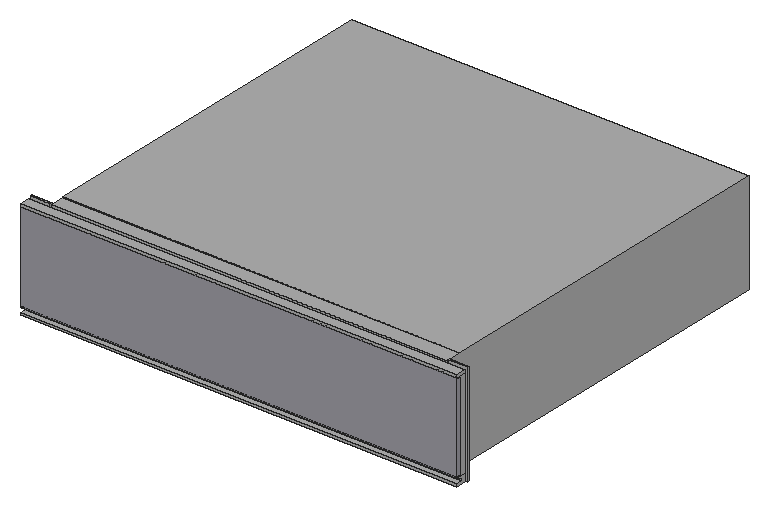
Revit family "FP-Revit20-en-WB60SMB1-WB60SMG1-WarmingDrawer-0-90003701-AU-NZ-UK-IE-SG-EU", category Generic Models, Revit 2020
Family settings
  Can host rebar = No
  Round Connector Dimension = Use Diameter
  Part Type = Normal
  Work Plane-Based = No
  Always vertical = Yes
  Cut with Voids When Loaded = No
  Shared = No
  Room Calculation Point = No
Parameters (values of type "WB60SMG1")
  URL = "www.fisherpaykel.com"
  Product - Overall width = 596 mm  # constant formula
  Product - Overall Height = 140 mm  # constant formula
  Model = "WB60SMG1"
  Manufacturer = "Fisher & Paykel Appliances"
  Material - Glass = Fisher & Paykel - Glass, Grey
  Description = "Warming Drawer, 60cm"
  Default Elevation = 0 mm
  Connector note electrical = "220 - 240 V, 50 Hz, 10A"
  Chassis - width = 543 mm  # constant formula
  Chassis - Depth (including power plug, excluding flange) = 547 mm  # constant formula
  Chassis - Depth = 546 mm  # constant formula
  Material - Chassis = Fisher & Paykel - Aluminium
  Cavity - Minimum width = 560 mm  # constant formula
  Cavity - Minimum Height = 142 mm  # constant formula
  Cavity - Minimum Depth = 550 mm  # constant formula
Types (3, lengths in mm): name | Model | Material - Glass
  (no name) | "WB60SMG1" | Fisher & Paykel - Glass, Grey
  WB60SMB1 | "WB60SMB1" | Fisher & Paykel - Glass, Black
  WB60SMG1 | "WB60SMG1" | Fisher & Paykel - Glass, Grey
Reference planes
  plane 1 "Center (Front/Back)": y = 0
  plane 2: z = 0
  plane 3 "Center (Left/Right)": x = 0
  plane 4 "Chassis LHS": x = -271.5
  plane 5 "Chassis RHS": x = 271.5
  plane 6 "Chassis Depth": y = 547
  plane 7 "Cavity LHS": x = -280
  plane 8 "Cavity RHS": x = 280
  plane 9 "Cavity Depth": y = 550
  plane 10 "Cavity Height": z = 142
  plane 11 "Product Height": z = 140
  plane 12: x = -298
  plane 13: x = 298
  plane 14: y = 510
  plane 15: y = -433.9
  plane 16: y = -433.9
  plane 17: y = -19.9
Forms (mm)
  Extrusion 1, solid, material "Fisher & Paykel - Aluminium" <- "Material - Chassis"
    sketch origin (271.5, 0, 0) x (0, -1, 0) y (0, 0, 1)
      loop
        line (2, 139) -> (-18, 139) -> (-18, 140) -> (-510, 140) -> (-510, 0) -> (2, 0) -> (2, 139)
    from 0 to 541.5
  Extrusion 2, solid, material "Fisher & Paykel - Aluminium" <- "Material - Chassis"
    sketch origin (0, 0, 0) x (1, 0, 0) y (0, 1, 0)
      loop
        line (271.5, 0) -> (271.5, -2) -> (298, -2) -> (298, 0) -> (271.5, 0)
      loop
        line (-271.5, 0) -> (-298, 0) -> (-298, -2) -> (-271.5, -2) -> (-271.5, 0)
    from 0 to 140
  Extrusion 3, solid, material "Fisher & Paykel - Aluminium" <- "Material - Chassis"
    sketch origin (298, -1524, 425.869) x (0, 0, 1) y (0, 1, 0)
      loop
        line (-414.269, 1518) -> (-414.269, 1508.1) -> (-290.869, 1508.1) -> (-290.869, 1518) -> (-414.269, 1518)
    from 0.5 to 595.5
  Extrusion 4, solid, material "Fisher & Paykel - Aluminium" <- "Material - Chassis"
    sketch origin (298, -1524, 425.869) x (0, 0, 1) y (0, 1, 0)
      loop
        line (-287.869, 1504.1) -> (-287.869, 1518) -> (-290.869, 1518) -> (-290.869, 1504.1) -> (-287.869, 1504.1)
    from 0 to 596
  Extrusion 5, solid, material "Fisher & Paykel - Aluminium" <- "Material - Chassis"
    sketch origin (298, -1524, 425.869) x (0, 0, 1) y (0, 1, 0)
      loop
        line (-417.269, 1509.4) -> (-414.269, 1505.774) -> (-414.269, 1518) -> (-423.869, 1518) -> (-423.869, 1504.1) -> (-420.869, 1504.1) -> (-420.869, 1513) -> (-417.269, 1513) -> (-417.269, 1509.4)
    from 0 to 596
  Extrusion 6, solid, material "Fisher & Paykel - Glass, Grey" <- "Material - Glass"
    sketch origin (0, 0, 0) x (1, 0, 0) y (0, 0, 1)
      loop
        line (296, 11.6) -> (298, 13.6) -> (298, 133.6) -> (296.6, 135) -> (0, 135) -> (-296.6, 135) -> (-298, 133.6) -> (-298, 13.6) -> (-296, 11.6) -> (0, 11.6) -> (296, 11.6)
    from 15.9 to 19.9
  Extrusion 7, solid
    sketch origin (-40, 510, 1200) x (1, 0, 0) y (0, 0, 1)
      loop
        line (242, -1091) -> (217, -1091) -> (217, -1110) -> (242, -1110) -> (242, -1091)
    from -37 to 0
  Extrusion 8, solid
    sketch origin (177, 510, 109) x (0, 0, -1) y (0, -1, 0)
      loop
        circle (9.5, -28) r 7.931
    from 0 to 40
  Extrusion 9, void
    sketch origin (0, 0, 0) x (1, 0, 0) y (0, 1, 0)
      loop
        line (280, 550) -> (-280, 550) -> (-280, 0) -> (280, 0) -> (280, 550)
    from 0 to 142
  Extrusion 10, void
    sketch origin (0, 0, 0) x (1, 0, 0) y (0, 0, 1)
      loop
        line (-258, 5) -> (258, 5) -> (258, 119) -> (-258, 119) -> (-258, 5)
    from -2.075 to 2
  Extrusion 11, solid, material "Fisher & Paykel - Aluminium" <- "Material - Chassis"
    sketch origin (0, 0, 0) x (1, 0, 0) y (0, 0, 1)
      loop
        line (259, 5) -> (259, 120) -> (-259, 120) -> (-259, 5) -> (259, 5)
    from 2 to 6
  Extrusion 12, solid, material "Fisher & Paykel - Clearance Required (Non-Combustible)", detail levels coarse
    sketch origin (0, 0, 0) x (1, 0, 0) y (0, 1, 0)
      loop
        line (-298, -19.9) -> (-298, -433.9) -> (298, -433.9) -> (298, -19.9) -> (-298, -19.9)
    from 2 to 138
Cuts and joins
  Extrusion 10 cuts Extrusion 1
  Extrusion 10 cuts Extrusion 3
  Extrusion 10 cuts Extrusion 5
  Extrusion 10 cuts Extrusion 6
Dimensions and locks
  equal spacing: plane 4 "Chassis LHS", plane 3 "Center (Left/Right)", plane 5 "Chassis RHS", locked at 271.5 each
  "Chassis - width": plane 4 "Chassis LHS" to plane 5 "Chassis RHS"
  "Cavity - Minimum width": plane 7 "Cavity LHS" to plane 8 "Cavity RHS"
  "Cavity - Minimum Depth": plane 9 "Cavity Depth" to plane 1 "Center (Front/Back)"
  "Cavity - Minimum Height": plane 10 "Cavity Height" to level
  "Product - Overall Height": plane 11 "Product Height" to level
  equal spacing: plane 13, plane 3 "Center (Left/Right)", plane 12, locked at 298 each
  "Product - Overall width": plane 12 to plane 13
  "Chassis - Depth (including power plug, excluding flange)": plane 1 "Center (Front/Back)" to plane 6 "Chassis Depth"
  locked: Extrusion 1 to Extrusion 7 at 37
  locked: Extrusion 7 to Extrusion 7 at 19
  locked: Extrusion 8 to Extrusion 7 at 40
  locked: plane 16 to plane 17 at 414
  aligned and locked: level to plane 2
  aligned and locked: plane 11 "Product Height" to Extrusion 1 sketch curve
  aligned and locked: level to Extrusion 1 sketch curve
  aligned and locked: plane 13 to Extrusion 2 sketch curve
  aligned and locked: plane 1 "Center (Front/Back)" to Extrusion 2 sketch curve
  aligned and locked: Extrusion 2 sketch curve to plane 5 "Chassis RHS"
  aligned and locked: Extrusion 6 sketch curve to plane 13
  aligned and locked: Extrusion 9 sketch curve to plane 9 "Cavity Depth"
  aligned and locked: Extrusion 9 sketch curve to plane 1 "Center (Front/Back)"
  aligned and locked: plane 10 "Cavity Height" to Extrusion 9
  aligned and locked: Extrusion 7 to Extrusion 1
  aligned and locked: Extrusion 8 to Extrusion 7
  aligned and locked: plane 14 to Extrusion 7
  aligned and locked: Extrusion 7 to plane 6 "Chassis Depth"
  aligned and locked: cut or joined group of Extrusion 5, Extrusion 10 to Extrusion 11 sketch curve
  aligned and locked: Extrusion 2 to Extrusion 11
  aligned and locked: Extrusion 11 to Extrusion 4
  aligned and locked: plane 8 "Cavity RHS" to Extrusion 9 sketch curve
  aligned and locked: Extrusion 9 sketch curve to plane 7 "Cavity LHS"
  aligned and locked: Extrusion 12 sketch curve to plane 12
  aligned and locked: Extrusion 12 sketch curve to Extrusion 4
  aligned and locked: plane 13 to Extrusion 12 sketch curve
  aligned and locked: Extrusion 12 sketch curve to plane 15
  aligned and locked: Extrusion 4 to Extrusion 12
  aligned and locked: Extrusion 12 to cut or joined group of Extrusion 5, Extrusion 10
Automatic sketch dimensions
  plane 1 "Center (Front/Back)" to Extrusion 1 sketch curve = 2 mm
  Extrusion 1 sketch curve to plane 11 "Product Height" = 1 mm
  Extrusion 1 sketch curve to plane 1 "Center (Front/Back)" = 18 mm
  plane 1 "Center (Front/Back)" to Extrusion 2 sketch curve = 0 mm
  Extrusion 2 sketch curve to plane 12 = 0 mm
  Extrusion 2 sketch curve to plane 4 "Chassis LHS" = 0 mm
  Extrusion 2 sketch curve to Extrusion 2 sketch curve = 2 mm
  Extrusion 3 sketch curve to plane 1 "Center (Front/Back)" = 6 mm
  Extrusion 6 sketch curve to plane 12 = 0 mm
  plane 12 to Extrusion 6 sketch curve = 1.4 mm
  plane 12 to Extrusion 6 sketch curve = 2 mm
  plane 3 "Center (Left/Right)" to Extrusion 6 sketch curve = 0 mm  (x2)
  plane 13 to Extrusion 6 sketch curve = 1.4 mm
  Extrusion 6 sketch curve to Extrusion 6 sketch curve = 2 mm  (x2)
  Extrusion 6 sketch curve to Extrusion 6 sketch curve = 1.4 mm  (x2)
  Extrusion 8 sketch curve to Extrusion 7 = 9.5 mm
  Extrusion 7 to Extrusion 8 sketch curve = 9 mm
  Extrusion 1 sketch curve to plane 14 = 0 mm
  plane 1 "Center (Front/Back)" to Extrusion 2 sketch curve = 2 mm
  Extrusion 3 sketch curve to level = 11.6 mm
  plane 11 "Product Height" to Extrusion 3 sketch curve = 5 mm
  Extrusion 3 sketch curve to Extrusion 3 sketch curve = 9.9 mm
  plane 11 "Product Height" to Extrusion 4 sketch curve = 5 mm
  plane 11 "Product Height" to Extrusion 4 sketch curve = 2 mm
  Extrusion 4 sketch curve to plane 1 "Center (Front/Back)" = 6 mm
  Extrusion 4 sketch curve to Extrusion 4 sketch curve = 13.9 mm
  Extrusion 5 sketch curve to level = 2 mm
  Extrusion 5 sketch curve to Extrusion 5 sketch curve = 3 mm  (x2)
  Extrusion 5 sketch curve to Extrusion 5 sketch curve = 3.6 mm  (x2)
  Extrusion 5 sketch curve to plane 1 "Center (Front/Back)" = 6 mm
  Extrusion 5 sketch curve to Extrusion 5 sketch curve = 5 mm
  Extrusion 5 sketch curve to Extrusion 5 sketch curve = 3.626 mm
  Extrusion 5 sketch curve to Extrusion 5 sketch curve = 5.3 mm
  plane 13 to Extrusion 6 sketch curve = 2 mm
  level to Extrusion 6 sketch curve = 11.6 mm
  Extrusion 6 sketch curve to plane 11 "Product Height" = 6.4 mm
  Extrusion 7 sketch curve to plane 11 "Product Height" = 31 mm
  plane 5 "Chassis RHS" to Extrusion 7 sketch curve = 94.5 mm
  Extrusion 7 sketch curve to Extrusion 7 sketch curve = 25 mm
  Extrusion 7 sketch curve to Extrusion 7 sketch curve = 19 mm
  Extrusion 10 sketch curve to plane 11 "Product Height" = 21 mm
  level to Extrusion 10 sketch curve = 5 mm
  Extrusion 10 sketch curve to plane 4 "Chassis LHS" = 13.5 mm
  plane 5 "Chassis RHS" to Extrusion 10 sketch curve = 13.5 mm
  plane 5 "Chassis RHS" to Extrusion 11 sketch curve = 12.5 mm
  Extrusion 11 sketch curve to plane 4 "Chassis LHS" = 12.5 mm
  Extrusion 11 sketch curve to plane 11 "Product Height" = 20 mm
  radius of Extrusion 8 sketch curve = 7.931 mm
Connectors
  electrical at (137, 538, 99.5), driven by "Connector note electrical"
    settings: on Extrusion 8, index 1, voltage 0 V, apparent load 0 VA, apparent load phase1 0 VA, apparent load phase2 0 VA, apparent load phase3 0 VA, power factor 1, load classification "Other", number of poles 1, system type 31, power factor state 1, is connector primary yes, connector utility no, sub classification motor no, connector description "220 - 240 V, 50 Hz, 10A"
